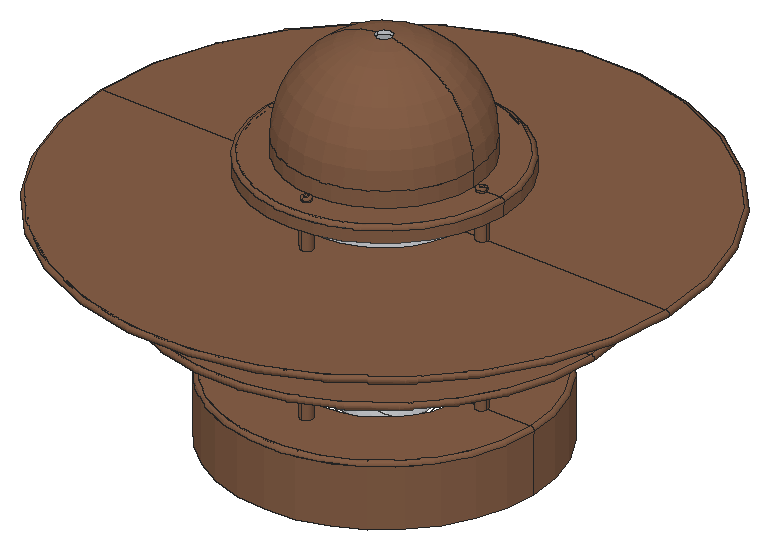
Revit family "ORB19 SHADE", category Lighting Fixtures, Revit 2024
Family settings
  Round Connector Dimension = Use Diameter
  Part Type = Normal
  OmniClass Number = 23.80.70.00
  OmniClass Title = Lighting
  Work Plane-Based = No
  Always vertical = Yes
  Cut with Voids When Loaded = No
  Light Source = No
  Maintain Annotation Orientation = No
  Shared = No
  Room Calculation Point = No
Parameters
  Default Elevation = 0' - 0"
Reference planes (in)
  plane 1 "Light Source Axis (F/B)": y = 0
  plane 2: z = 0
  plane 3 "Light Source Axis (L/R)": x = 0
  plane 4 "Light Source Elevation": z = 54
Forms (in)
  Revolve 1, solid
    sketch origin (0, 0, 0) x (1, 0, 0) y (0, 0, 1)
      loop
        line (-5, 54) -> (-4.90625, 54) -> (-4.90625, 55.875)
        arc (-4.90625, 55.875) -> (-4.8971, 55.8971) -> (-4.875, 55.90625) r 0.03125
        line (-4.875, 55.90625) -> (-2.56941, 55.90625) -> (-2.56941, 56) -> (-4.875, 56)
        arc (-4.875, 56) -> (-4.96339, 55.96339) -> (-5, 55.875) r 0.125
        line (-5, 55.875) -> (-5, 54)
      loop
        line (-4, 62.375) -> (-4, 62) -> (-3.90625, 62) -> (-3.90625, 62.375)
        arc (-3.90625, 62.375) -> (-3.8971, 62.3971) -> (-3.875, 62.40625) r 0.03125
        line (-3.875, 62.40625) -> (-2.90625, 62.40625) -> (-2.90625, 63)
        arc (-2.90625, 63) -> (-2.14159, 64.96465) -> (-0.25, 65.89548) r 2.90625
        line (-0.25, 65.89548) -> (-0.25, 65.98957)
        arc (-0.25, 65.98957) -> (-2.20794, 65.03101) -> (-3, 63) r 3
        line (-3, 63) -> (-3, 62.5) -> (-3.875, 62.5)
        arc (-3.875, 62.5) -> (-3.96339, 62.46339) -> (-4, 62.375) r 0.125
      loop
        line (-2.56941, 61.05698) -> (-9.4, 61.05698)
        arc (-9.4, 61.05698) -> (-9.5, 60.95698) -> (-9.4, 60.85698) r 0.1
        line (-9.4, 60.85698) -> (-2.56941, 60.85698) -> (-2.56941, 61.05698)
      loop
        line (-2.56941, 58.85698) -> (-6.9, 58.85698)
        arc (-6.9, 58.85698) -> (-7, 58.75698) -> (-6.9, 58.65698) r 0.1
        line (-6.9, 58.65698) -> (-2.56941, 58.65698) -> (-2.56941, 58.85698)
      loop
        line (-2.09363, 62) -> (-2.09363, 56.67399)
        arc (-2.09363, 56.67399) -> (-1.48042, 55.19357) -> (0, 54.58036) r 2.09363
        line (0, 54.58036) -> (0, 54.67411)
        arc (0, 54.67411) -> (-1.41413, 55.25986) -> (-1.99988, 56.67399) r 1.99988
        line (-1.99988, 56.67399) -> (-1.99988, 62) -> (-2.09363, 62)
      axis (0, 65.98957) -> (0, 54)
    angle from 0 to 360
  Revolve 2, solid
    sketch origin (0, 0, 0) x (1, 0, 0) y (0, 0, 1)
      loop
        line (-3.25, 62.60218) -> (-3.34048, 62.60218)
        arc (-3.34048, 62.60218) -> (-3.38103, 62.58601) -> (-3.4, 62.54668) r 0.06022
        line (-3.4, 62.54668) -> (-3.4, 62.5) -> (-3.4375, 62) -> (-3.4375, 56) -> (-3.25, 56) -> (-3.25, 62.60218)
      axis (-3.25, 62.60218) -> (-3.25, 56)
    angle from 0 to 360
  Revolve 3, solid
    sketch origin (0, 0, 0) x (0, -1, 0) y (0, 0, 1)
      loop
        line (-3.25, 62.60218) -> (-3.34048, 62.60218)
        arc (-3.34048, 62.60218) -> (-3.38103, 62.58601) -> (-3.4, 62.54668) r 0.06022
        line (-3.4, 62.54668) -> (-3.4, 62.5) -> (-3.4375, 62) -> (-3.4375, 56) -> (-3.25, 56) -> (-3.25, 62.60218)
      axis (-3.25, 62.60218) -> (-3.25, 56)
    angle from 0 to 360
  Revolve 4, solid
    sketch origin (0, 0, 0) x (0, 1, 0) y (0, 0, 1)
      loop
        line (-3.25, 62.60218) -> (-3.34048, 62.60218)
        arc (-3.34048, 62.60218) -> (-3.38103, 62.58601) -> (-3.4, 62.54668) r 0.06022
        line (-3.4, 62.54668) -> (-3.4, 62.5) -> (-3.4375, 62) -> (-3.4375, 56) -> (-3.25, 56) -> (-3.25, 62.60218)
      axis (-3.25, 62.60218) -> (-3.25, 56)
    angle from 0 to 360
  Revolve 5, solid
    sketch origin (0, 0, 0) x (-1, 0, 0) y (0, 0, 1)
      loop
        line (-3.25, 62.60218) -> (-3.34048, 62.60218)
        arc (-3.34048, 62.60218) -> (-3.38103, 62.58601) -> (-3.4, 62.54668) r 0.06022
        line (-3.4, 62.54668) -> (-3.4, 62.5) -> (-3.4375, 62) -> (-3.4375, 56) -> (-3.25, 56) -> (-3.25, 62.60218)
      axis (-3.25, 62.60218) -> (-3.25, 56)
    angle from 0 to 360
Lines and regions (in)
  reference lines
    curve 1: line (0, -0.25, 0) -> (0, 0.25, 0)
Dimensions and locks (in)
  aligned and locked: level to plane 2
